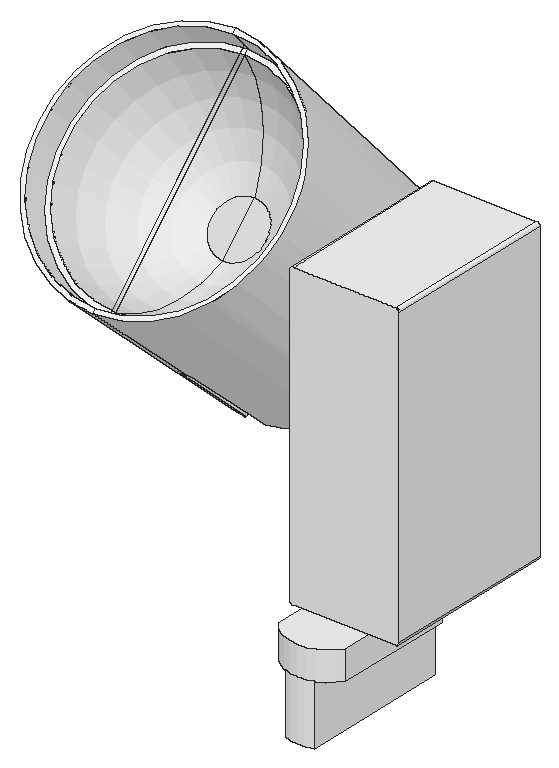
Revit family "0004935 Feilo Sylvania Lighting Fixture START TRACK SPOT L DALI 3616LM 940 MB WHT", category Lighting Fixtures, host Face, Revit 2017 (continued)
Definition of nested family "Start Track Spot Head"
  Types (96, lengths in mm): name | Wattage | built-in parameter 1150134 | Photometric Web File | Model | built-in parameter 1150105 | Lumens | built-in parameter 1150107 | built-in parameter 1150106 | HeadThickness_FEILO | HeadRibOffset_FEILO | HeadRibDepth_FEILO | HeadRibCutWidth_FEILO | HeadRibCutOffset_FEILO | HeadReflectorRadius_FEILO | HeadReflectorOffset_FEILO | HeadLEDRadius_FEILO | HeadHeight_FEILO | HeadDiffusorOffset_FEILO | HeadDiaOut_FEILO | HeadDiaIn_FEILO | HeadAxisFromTop_FEILO | Emit from Circle Diameter | built-in parameter 1150104 | Description | Apparent Load
    0004864 START TRACK SPOT S 24W 3K RA90 WB WHITE | 24 W | (empty or 0) | "0004864.ies" | "START TRACK SPOT S 24W 3K RA90 WB WHITE" | 152.79 (stored number, unit not read) | 1920 lm | 3000 (stored number, unit not read) | 1.5279 (stored number, unit not read) | 1.5 | 4.179 | 55.714 | 7.167 | 50.87 | 50.588 | 55.714 | 9.556 | 117 | 9.435 | 86 | 77.477 | 69.354 | 77.477 | 7.4322 (stored number, unit not read) | "Integrated LED spotlight, Textured White - RAL9016, compact and minimalist design, ideal for retail applications, die-cast aluminium body, passive cooling heatsink. Beam angle: 64°, color temperature: 3000K , total system power: 24W, total fixture output: 1928 lm, LOR: 100%, colour rendering: Ra: 90 typical, LED Chromaticity: 3 step MacAdam ellipse, lifetime: >50000 hours at L70B50, energy class: A++, A+, A, IR/UV free light source without heat radiation, operating voltage: 220-240V / 50-60Hz, drive current: 600mA, electronic driver, non-dimmable, power factor: 0.95, electrical protection: Class II, Global Track 3 Phase adapter suitable for Global trac 3-circuit tracks, ingress protection rating: IP20, suitable for internal environment only, horizontal rotation: 355°, vertical tilt: 90°, dimensions: Ø86x140x200, weight: 0.966kg." | 24 VA
    0004863 START TRACK SPOT S 24W 3K RA90 MB WHITE | 24 W | (empty or 0) | "0004863.ies" | "START TRACK SPOT S 24W 3K RA90 MB WHITE" | 154.7 (stored number, unit not read) | 1944 lm | 3000 (stored number, unit not read) | 1.547 (stored number, unit not read) | 1.5 | 4.179 | 55.714 | 7.167 | 50.87 | 50.588 | 55.714 | 9.556 | 117 | 9.435 | 86 | 77.477 | 69.354 | 77.477 | 7.5251 (stored number, unit not read) | "Integrated LED spotlight, Textured White - RAL9016, compact and minimalist design, ideal for retail applications, die-cast aluminium body, passive cooling heatsink. Beam angle: 36°, color temperature: 3000K , total system power: 24W, total fixture output: 1944 lm, LOR: 100%, colour rendering: Ra: 90 typical, LED Chromaticity: 3 step MacAdam ellipse, lifetime: >50000 hours at L70B50, energy class: A++, A+, A, IR/UV free light source without heat radiation, operating voltage: 220-240V / 50-60Hz, drive current: 600mA, electronic driver, non-dimmable, power factor: 0.95, electrical protection: Class II, Global Track 3 Phase adapter suitable for Global trac 3-circuit tracks, ingress protection rating: IP20, suitable for internal environment only, horizontal rotation: 355°, vertical tilt: 90°, dimensions: Ø86x140x200, weight: 0.966kg." | 24 VA
    0004862 START TRACK SPOT S 24W 3K RA90 NB WHITE | 24 W | (empty or 0) | "0004862.ies" | "START TRACK SPOT S 24W 3K RA90 NB WHITE" | 158.52 (stored number, unit not read) | 1992 lm | 3000 (stored number, unit not read) | 1.5852 (stored number, unit not read) | 1.5 | 4.179 | 55.714 | 7.167 | 50.87 | 50.588 | 55.714 | 9.556 | 117 | 9.435 | 86 | 77.477 | 69.354 | 77.477 | 7.711 (stored number, unit not read) | "Integrated LED spotlight, Textured White - RAL9016, compact and minimalist design, ideal for retail applications, die-cast aluminium body, passive cooling heatsink. Beam angle: 12°, color temperature: 3000K , total system power: 24W, total fixture output: 1987 lm, LOR: 100%, colour rendering: Ra: 90 typical, LED Chromaticity: 3 step MacAdam ellipse, lifetime: >50000 hours at L70B50, energy class: A++, A+, A, IR/UV free light source without heat radiation, operating voltage: 220-240V / 50-60Hz, drive current: 600mA, electronic driver, non-dimmable, power factor: 0.95, electrical protection: Class II, Global Track 3 Phase adapter suitable for Global trac 3-circuit tracks, ingress protection rating: IP20, suitable for internal environment only, horizontal rotation: 355°, vertical tilt: 90°, dimensions: Ø86x140x200, weight: 0.966kg." | 24 VA
    0004861 START TRACK SPOT S 14W 3K RA90 WB WHITE | 14 W | (empty or 0) | "0004861.ies" | "START TRACK SPOT S 14W 3K RA90 WB WHITE" | 100.27 (stored number, unit not read) | 1260 lm | 3000 (stored number, unit not read) | 1.0027 (stored number, unit not read) | 1.5 | 4.179 | 55.714 | 7.167 | 50.87 | 50.588 | 55.714 | 9.556 | 117 | 9.435 | 86 | 77.477 | 69.354 | 77.477 | 8.3613 (stored number, unit not read) | "Integrated LED spotlight, Textured White - RAL9016, compact and minimalist design, ideal for retail applications, die-cast aluminium body, passive cooling heatsink. Beam angle: 64°, color temperature: 3000K , total system power: 14W, total fixture output: 1262 lm, LOR: 100%, colour rendering: Ra: 90 typical, LED Chromaticity: 3 step MacAdam ellipse, lifetime: >50000 hours at L70B50, energy class: A++, A+, A, IR/UV free light source without heat radiation, operating voltage: 220-240V / 50-60Hz, drive current: 350mA, electronic driver, non-dimmable, power factor: 0.92, electrical protection: Class II, Global Track 3 Phase adapter suitable for Global trac 3-circuit tracks, ingress protection rating: IP20, suitable for internal environment only, horizontal rotation: 355°, vertical tilt: 90°, dimensions: Ø86x140x200, weight: 0.940kg." | 14 VA
    0004860 START TRACK SPOT S 14W 3K RA90 MB WHITE | 14 W | (empty or 0) | "0004860.ies" | "START TRACK SPOT S 14W 3K RA90 MB WHITE" | 100.27 (stored number, unit not read) | 1260 lm | 3000 (stored number, unit not read) | 1.0027 (stored number, unit not read) | 1.5 | 4.179 | 55.714 | 7.167 | 50.87 | 50.588 | 55.714 | 9.556 | 117 | 9.435 | 86 | 77.477 | 69.354 | 77.477 | 8.3613 (stored number, unit not read) | "Integrated LED spotlight, Textured White - RAL9016, compact and minimalist design, ideal for retail applications, die-cast aluminium body, passive cooling heatsink. Beam angle: 36°, color temperature: 3000K , total system power: 14W, total fixture output: 1262 lm, LOR: 100%, colour rendering: Ra: 90 typical, LED Chromaticity: 3 step MacAdam ellipse, lifetime: >50000 hours at L70B50, energy class: A++, A+, A, IR/UV free light source without heat radiation, operating voltage: 220-240V / 50-60Hz, drive current: 350mA, electronic driver, non-dimmable, power factor: 0.92, electrical protection: Class II, Global Track 3 Phase adapter suitable for Global trac 3-circuit tracks, ingress protection rating: IP20, suitable for internal environment only, horizontal rotation: 355°, vertical tilt: 90°, dimensions: Ø86x140x200, weight: 0.940kg." | 14 VA
    0004859 START TRACK SPOT S 14W 3K RA90 NB WHITE | 14 W | (empty or 0) | "0004859.ies" | "START TRACK SPOT S 14W 3K RA90 NB WHITE" | 102.5 (stored number, unit not read) | 1288 lm | 3000 (stored number, unit not read) | 1.025 (stored number, unit not read) | 1.5 | 4.179 | 55.714 | 7.167 | 50.87 | 50.588 | 55.714 | 9.556 | 117 | 9.435 | 86 | 77.477 | 69.354 | 77.477 | 8.5471 (stored number, unit not read) | "Integrated LED spotlight, Textured White - RAL9016, compact and minimalist design, ideal for retail applications, die-cast aluminium body, passive cooling heatsink. Beam angle: 12°, color temperature: 3000K , total system power: 14W, total fixture output: 1284 lm, LOR: 100%, colour rendering: Ra: 90 typical, LED Chromaticity: 3 step MacAdam ellipse, lifetime: >50000 hours at L70B50, energy class: A++, A+, A, IR/UV free light source without heat radiation, operating voltage: 220-240V / 50-60Hz, drive current: 350mA, electronic driver, non-dimmable, power factor: 0.92, electrical protection: Class II, Global Track 3 Phase adapter suitable for Global trac 3-circuit tracks, ingress protection rating: IP20, suitable for internal environment only, horizontal rotation: 355°, vertical tilt: 90°, dimensions: Ø86x140x200, weight: 0.940kg." | 14 VA
    0004858 START TRACK SPOT L 55W 4K RA80 WB BLACK | 55 W | 12 | "0004858.ies" | "START TRACK SPOT L 55W 4K RA80 WB BLACK" | 424.55 (stored number, unit not read) | 5335 lm | 4000 (stored number, unit not read) | 4.2455 (stored number, unit not read) | 2 | 4.429 | 59.048 | 9.417 | 53.913 | 66.471 | 59.048 | 12.556 | 124 | 10 | 113 | 101.802 | 73.503 | 101.802 | 9.0116 (stored number, unit not read) | "Integrated LED spotlight, Textured Black - RAL9005, compact and minimalist design, ideal for retail applications, die-cast aluminium body, passive cooling heatsink. Beam angle: 52°, color temperature: 4000K , total system power: 55W, total fixture output: 5320 lm, LOR: 100%, colour rendering: Ra: 80 typical, LED Chromaticity: 3 step MacAdam ellipse, lifetime: >50000 hours at L70B50, energy class: A++, A+, A, IR/UV free light source without heat radiation, operating voltage: 220-240V / 50-60Hz, drive current: 1400mA, electronic driver, non-dimmable, power factor: 0.96, electrical protection: Class II, Global Track 3 Phase adapter suitable for Global trac 3-circuit tracks, ingress protection rating: IP20, suitable for internal environment only, horizontal rotation: 355°, vertical tilt: 90°, dimensions: Ø113x164x240, weight: 1.398kg." | 55 VA
    0004857 START TRACK SPOT L 55W 4K RA80 MB BLACK | 55 W | 12 | "0004857.ies" | "START TRACK SPOT L 55W 4K RA80 MB BLACK" | 428.92 (stored number, unit not read) | 5390 lm | 4000 (stored number, unit not read) | 4.2892 (stored number, unit not read) | 2 | 4.429 | 59.048 | 9.417 | 53.913 | 66.471 | 59.048 | 12.556 | 124 | 10 | 113 | 101.802 | 73.503 | 101.802 | 9.1045 (stored number, unit not read) | "Integrated LED spotlight, Textured Black - RAL9005, compact and minimalist design, ideal for retail applications, die-cast aluminium body, passive cooling heatsink. Beam angle: 38°, color temperature: 4000K , total system power: 55W, total fixture output: 5378 lm, LOR: 100%, colour rendering: Ra: 80 typical, LED Chromaticity: 3 step MacAdam ellipse, lifetime: >50000 hours at L70B50, energy class: A++, A+, A, IR/UV free light source without heat radiation, operating voltage: 220-240V / 50-60Hz, drive current: 1400mA, electronic driver, non-dimmable, power factor: 0.96, electrical protection: Class II, Global Track 3 Phase adapter suitable for Global trac 3-circuit tracks, ingress protection rating: IP20, suitable for internal environment only, horizontal rotation: 355°, vertical tilt: 90°, dimensions: Ø113x164x240, weight: 1.398kg." | 55 VA
    0004856 START TRACK SPOT L 55W 4K RA80 NB BLACK | 55 W | 12 | "0004856.ies" | "START TRACK SPOT L 55W 4K RA80 NB BLACK" | 433.3 (stored number, unit not read) | 5445 lm | 4000 (stored number, unit not read) | 4.333 (stored number, unit not read) | 2 | 4.429 | 59.048 | 9.417 | 53.913 | 66.471 | 59.048 | 12.556 | 124 | 10 | 113 | 101.802 | 73.503 | 101.802 | 9.1974 (stored number, unit not read) | "Integrated LED spotlight, Textured Black - RAL9005, compact and minimalist design, ideal for retail applications, die-cast aluminium body, passive cooling heatsink. Beam angle: 15°, color temperature: 4000K , total system power: 55W, total fixture output: 5426 lm, LOR: 100%, colour rendering: Ra: 80 typical, LED Chromaticity: 3 step MacAdam ellipse, lifetime: >50000 hours at L70B50, energy class: A++, A+, A, IR/UV free light source without heat radiation, operating voltage: 220-240V / 50-60Hz, drive current: 1400mA, electronic driver, non-dimmable, power factor: 0.96, electrical protection: Class II, Global Track 3 Phase adapter suitable for Global trac 3-circuit tracks, ingress protection rating: IP20, suitable for internal environment only, horizontal rotation: 355°, vertical tilt: 90°, dimensions: Ø113x164x240, weight: 1.398kg." | 55 VA
    0004855 START TRACK SPOT L 35W 4K RA80 WB BLACK | 35 W | 12 | "0004855.ies" | "START TRACK SPOT L 35W 4K RA80 WB BLACK" | 320.3 (stored number, unit not read) | 4025 lm | 4000 (stored number, unit not read) | 3.203 (stored number, unit not read) | 2 | 4.429 | 59.048 | 9.417 | 53.913 | 66.471 | 59.048 | 12.556 | 124 | 10 | 113 | 101.802 | 73.503 | 101.802 | 10.684 (stored number, unit not read) | "Integrated LED spotlight, Textured Black - RAL9005, compact and minimalist design, ideal for retail applications, die-cast aluminium body, passive cooling heatsink. Beam angle: 52°, color temperature: 4000K , total system power: 35W, total fixture output: 4010 lm, LOR: 100%, colour rendering: Ra: 80 typical, LED Chromaticity: 3 step MacAdam ellipse, lifetime: >50000 hours at L70B50, energy class: A++, A+, A, IR/UV free light source without heat radiation, operating voltage: 220-240V / 50-60Hz, drive current: 900mA, electronic driver, non-dimmable, power factor: 0.93, electrical protection: Class II, Global Track 3 Phase adapter suitable for Global trac 3-circuit tracks, ingress protection rating: IP20, suitable for internal environment only, horizontal rotation: 355°, vertical tilt: 90°, dimensions: Ø113x164x240, weight: 1.368kg." | 35 VA
    0004854 START TRACK SPOT L 35W 4K RA80 MB BLACK | 35 W | 12 | "0004854.ies" | "START TRACK SPOT L 35W 4K RA80 MB BLACK" | 320.3 (stored number, unit not read) | 4025 lm | 4000 (stored number, unit not read) | 3.203 (stored number, unit not read) | 2 | 4.429 | 59.048 | 9.417 | 53.913 | 66.471 | 59.048 | 12.556 | 124 | 10 | 113 | 101.802 | 73.503 | 101.802 | 10.684 (stored number, unit not read) | "Integrated LED spotlight, Textured Black - RAL9005, compact and minimalist design, ideal for retail applications, die-cast aluminium body, passive cooling heatsink. Beam angle: 38°, color temperature: 4000K , total system power: 35W, total fixture output: 4017 lm, LOR: 100%, colour rendering: Ra: 80 typical, LED Chromaticity: 3 step MacAdam ellipse, lifetime: >50000 hours at L70B50, energy class: A++, A+, A, IR/UV free light source without heat radiation, operating voltage: 220-240V / 50-60Hz, drive current: 900mA, electronic driver, non-dimmable, power factor: 0.93, electrical protection: Class II, Global Track 3 Phase adapter suitable for Global trac 3-circuit tracks, ingress protection rating: IP20, suitable for internal environment only, horizontal rotation: 355°, vertical tilt: 90°, dimensions: Ø113x164x240, weight: 1.368kg." | 35 VA
    0004853 START TRACK SPOT L 35W 4K RA80 NB BLACK | 35 W | 12 | "0004853.ies" | "START TRACK SPOT L 35W 4K RA80 NB BLACK" | 331.44 (stored number, unit not read) | 4165 lm | 4000 (stored number, unit not read) | 3.3144 (stored number, unit not read) | 2 | 4.429 | 59.048 | 9.417 | 53.913 | 66.471 | 59.048 | 12.556 | 124 | 10 | 113 | 101.802 | 73.503 | 101.802 | 11.055 (stored number, unit not read) | "Integrated LED spotlight, Textured Black - RAL9005, compact and minimalist design, ideal for retail applications, die-cast aluminium body, passive cooling heatsink. Beam angle: 15°, color temperature: 4000K , total system power: 35W, total fixture output: 4174 lm, LOR: 100%, colour rendering: Ra: 80 typical, LED Chromaticity: 3 step MacAdam ellipse, lifetime: >50000 hours at L70B50, energy class: A++, A+, A, IR/UV free light source without heat radiation, operating voltage: 220-240V / 50-60Hz, drive current: 900mA, electronic driver, non-dimmable, power factor: 0.93, electrical protection: Class II, Global Track 3 Phase adapter suitable for Global trac 3-circuit tracks, ingress protection rating: IP20, suitable for internal environment only, horizontal rotation: 355°, vertical tilt: 90°, dimensions: Ø113x164x240, weight: 1.368kg." | 35 VA
    0004852 START TRACK SPOT S 24W 4K RA80 WB BLACK | 24 W | 12 | "0004852.ies" | "START TRACK SPOT S 24W 4K RA80 WB BLACK" | 196.72 (stored number, unit not read) | 2472 lm | 4000 (stored number, unit not read) | 1.9672 (stored number, unit not read) | 1.5 | 4.179 | 55.714 | 7.167 | 50.87 | 50.588 | 55.714 | 9.556 | 117 | 9.435 | 86 | 77.477 | 69.354 | 77.477 | 9.569 (stored number, unit not read) | "Integrated LED spotlight, Textured Black - RAL9005, compact and minimalist design, ideal for retail applications, die-cast aluminium body, passive cooling heatsink. Beam angle: 64°, color temperature: 4000K , total system power: 24W, total fixture output: 2476 lm, LOR: 100%, colour rendering: Ra: 80 typical, LED Chromaticity: 3 step MacAdam ellipse, lifetime: >50000 hours at L70B50, energy class: A++, A+, A, IR/UV free light source without heat radiation, operating voltage: 220-240V / 50-60Hz, drive current: 600mA, electronic driver, non-dimmable, power factor: 0.95, electrical protection: Class II, Global Track 3 Phase adapter suitable for Global trac 3-circuit tracks, ingress protection rating: IP20, suitable for internal environment only, horizontal rotation: 355°, vertical tilt: 90°, dimensions: Ø86x140x200, weight: 0.966kg." | 24 VA
    0004851 START TRACK SPOT S 24W 4K RA80 MB BLACK | 24 W | 12 | "0004851.ies" | "START TRACK SPOT S 24W 4K RA80 MB BLACK" | 198.63 (stored number, unit not read) | 2496 lm | 4000 (stored number, unit not read) | 1.9863 (stored number, unit not read) | 1.5 | 4.179 | 55.714 | 7.167 | 50.87 | 50.588 | 55.714 | 9.556 | 117 | 9.435 | 86 | 77.477 | 69.354 | 77.477 | 9.6619 (stored number, unit not read) | "Integrated LED spotlight, Textured Black - RAL9005, compact and minimalist design, ideal for retail applications, die-cast aluminium body, passive cooling heatsink. Beam angle: 36°, color temperature: 4000K , total system power: 24W, total fixture output: 2487 lm, LOR: 100%, colour rendering: Ra: 80 typical, LED Chromaticity: 3 step MacAdam ellipse, lifetime: >50000 hours at L70B50, energy class: A++, A+, A, IR/UV free light source without heat radiation, operating voltage: 220-240V / 50-60Hz, drive current: 600mA, electronic driver, non-dimmable, power factor: 0.95, electrical protection: Class II, Global Track 3 Phase adapter suitable for Global trac 3-circuit tracks, ingress protection rating: IP20, suitable for internal environment only, horizontal rotation: 355°, vertical tilt: 90°, dimensions: Ø86x140x200, weight: 0.966kg." | 24 VA
    0004850 START TRACK SPOT S 24W 4K RA80 NB BLACK | 24 W | 12 | "0004850.ies" | "START TRACK SPOT S 24W 4K RA80 NB BLACK" | 200.54 (stored number, unit not read) | 2520 lm | 4000 (stored number, unit not read) | 2.0054 (stored number, unit not read) | 1.5 | 4.179 | 55.714 | 7.167 | 50.87 | 50.588 | 55.714 | 9.556 | 117 | 9.435 | 86 | 77.477 | 69.354 | 77.477 | 9.7548 (stored number, unit not read) | "Integrated LED spotlight, Textured Black - RAL9005, compact and minimalist design, ideal for retail applications, die-cast aluminium body, passive cooling heatsink. Beam angle: 12°, color temperature: 4000K , total system power: 24W, total fixture output: 2529 lm, LOR: 100%, colour rendering: Ra: 80 typical, LED Chromaticity: 3 step MacAdam ellipse, lifetime: >50000 hours at L70B50, energy class: A++, A+, A, IR/UV free light source without heat radiation, operating voltage: 220-240V / 50-60Hz, drive current: 600mA, electronic driver, non-dimmable, power factor: 0.95, electrical protection: Class II, Global Track 3 Phase adapter suitable for Global trac 3-circuit tracks, ingress protection rating: IP20, suitable for internal environment only, horizontal rotation: 355°, vertical tilt: 90°, dimensions: Ø86x140x200, weight: 0.966kg." | 24 VA
    0004849 START TRACK SPOT S 14W 4K RA80 WB BLACK | 14 W | 12 | "0004849.ies" | "START TRACK SPOT S 14W 4K RA80 WB BLACK" | 123.66 (stored number, unit not read) | 1554 lm | 4000 (stored number, unit not read) | 1.2366 (stored number, unit not read) | 1.5 | 4.179 | 55.714 | 7.167 | 50.87 | 50.588 | 55.714 | 9.556 | 117 | 9.435 | 86 | 77.477 | 69.354 | 77.477 | 10.312 (stored number, unit not read) | "Integrated LED spotlight, Textured Black - RAL9005, compact and minimalist design, ideal for retail applications, die-cast aluminium body, passive cooling heatsink. Beam angle: 64°, color temperature: 4000K , total system power: 14W, total fixture output: 1558 lm, LOR: 100%, colour rendering: Ra: 80 typical, LED Chromaticity: 3 step MacAdam ellipse, lifetime: >50000 hours at L70B50, energy class: A++, A+, A, IR/UV free light source without heat radiation, operating voltage: 220-240V / 50-60Hz, drive current: 350mA, electronic driver, non-dimmable, power factor: 0.92, electrical protection: Class II, Global Track 3 Phase adapter suitable for Global trac 3-circuit tracks, ingress protection rating: IP20, suitable for internal environment only, horizontal rotation: 355°, vertical tilt: 90°, dimensions: Ø86x140x200, weight: 0.940kg." | 14 VA
    0004848 START TRACK SPOT S 14W 4K RA80 MB BLACK | 14 W | 12 | "0004848.ies" | "START TRACK SPOT S 14W 4K RA80 MB BLACK" | 127.01 (stored number, unit not read) | 1596 lm | 4000 (stored number, unit not read) | 1.2701 (stored number, unit not read) | 1.5 | 4.179 | 55.714 | 7.167 | 50.87 | 50.588 | 55.714 | 9.556 | 117 | 9.435 | 86 | 77.477 | 69.354 | 77.477 | 10.591 (stored number, unit not read) | "Integrated LED spotlight, Textured Black - RAL9005, compact and minimalist design, ideal for retail applications, die-cast aluminium body, passive cooling heatsink. Beam angle: 36°, color temperature: 4000K , total system power: 14W, total fixture output: 1598 lm, LOR: 100%, colour rendering: Ra: 80 typical, LED Chromaticity: 3 step MacAdam ellipse, lifetime: >50000 hours at L70B50, energy class: A++, A+, A, IR/UV free light source without heat radiation, operating voltage: 220-240V / 50-60Hz, drive current: 350mA, electronic driver, non-dimmable, power factor: 0.92, electrical protection: Class II, Global Track 3 Phase adapter suitable for Global trac 3-circuit tracks, ingress protection rating: IP20, suitable for internal environment only, horizontal rotation: 355°, vertical tilt: 90°, dimensions: Ø86x140x200, weight: 0.940kg." | 14 VA
    0004847 START TRACK SPOT S 14W 4K RA80 NB BLACK | 14 W | 12 | "0004847.ies" | "START TRACK SPOT S 14W 4K RA80 NB BLACK" | 128.12 (stored number, unit not read) | 1610 lm | 4000 (stored number, unit not read) | 1.2812 (stored number, unit not read) | 1.5 | 4.179 | 55.714 | 7.167 | 50.87 | 50.588 | 55.714 | 9.556 | 117 | 9.435 | 86 | 77.477 | 69.354 | 77.477 | 10.684 (stored number, unit not read) | "Integrated LED spotlight, Textured Black - RAL9005, compact and minimalist design, ideal for retail applications, die-cast aluminium body, passive cooling heatsink. Beam angle: 12°, color temperature: 4000K , total system power: 14W, total fixture output: 1608 lm, LOR: 100%, colour rendering: Ra: 80 typical, LED Chromaticity: 3 step MacAdam ellipse, lifetime: >50000 hours at L70B50, energy class: A++, A+, A, IR/UV free light source without heat radiation, operating voltage: 220-240V / 50-60Hz, drive current: 350mA, electronic driver, non-dimmable, power factor: 0.92, electrical protection: Class II, Global Track 3 Phase adapter suitable for Global trac 3-circuit tracks, ingress protection rating: IP20, suitable for internal environment only, horizontal rotation: 355°, vertical tilt: 90°, dimensions: Ø86x140x200, weight: 0.940kg." | 14 VA
    0004846 START TRACK SPOT L 55W 3K RA80 WB BLACK | 55 W | (empty or 0) | "0004846.ies" | "START TRACK SPOT L 55W 3K RA80 WB BLACK" | 420.17 (stored number, unit not read) | 5280 lm | 3000 (stored number, unit not read) | 4.2017 (stored number, unit not read) | 2 | 4.429 | 59.048 | 9.417 | 53.913 | 66.471 | 59.048 | 12.556 | 124 | 10 | 113 | 101.802 | 73.503 | 101.802 | 8.9187 (stored number, unit not read) | "Integrated LED spotlight, Textured Black - RAL9005, compact and minimalist design, ideal for retail applications, die-cast aluminium body, passive cooling heatsink. Beam angle: 52°, color temperature: 3000K , total system power: 55W, total fixture output: 5298 lm, LOR: 100%, colour rendering: Ra: 80 typical, LED Chromaticity: 3 step MacAdam ellipse, lifetime: >50000 hours at L70B50, energy class: A++, A+, A, IR/UV free light source without heat radiation, operating voltage: 220-240V / 50-60Hz, drive current: 1400mA, electronic driver, non-dimmable, power factor: 0.96, electrical protection: Class II, Global Track 3 Phase adapter suitable for Global trac 3-circuit tracks, ingress protection rating: IP20, suitable for internal environment only, horizontal rotation: 355°, vertical tilt: 90°, dimensions: Ø113x164x240, weight: 1.398kg." | 55 VA
    0004845 START TRACK SPOT L 55W 3K RA80 MB BLACK | 55 W | (empty or 0) | "0004845.ies" | "START TRACK SPOT L 55W 3K RA80 MB BLACK" | 428.92 (stored number, unit not read) | 5390 lm | 3000 (stored number, unit not read) | 4.2892 (stored number, unit not read) | 2 | 4.429 | 59.048 | 9.417 | 53.913 | 66.471 | 59.048 | 12.556 | 124 | 10 | 113 | 101.802 | 73.503 | 101.802 | 9.1045 (stored number, unit not read) | "Integrated LED spotlight, Textured Black - RAL9005, compact and minimalist design, ideal for retail applications, die-cast aluminium body, passive cooling heatsink. Beam angle: 38°, color temperature: 3000K , total system power: 55W, total fixture output: 5381 lm, LOR: 100%, colour rendering: Ra: 80 typical, LED Chromaticity: 3 step MacAdam ellipse, lifetime: >50000 hours at L70B50, energy class: A++, A+, A, IR/UV free light source without heat radiation, operating voltage: 220-240V / 50-60Hz, drive current: 1400mA, electronic driver, non-dimmable, power factor: 0.96, electrical protection: Class II, Global Track 3 Phase adapter suitable for Global trac 3-circuit tracks, ingress protection rating: IP20, suitable for internal environment only, horizontal rotation: 355°, vertical tilt: 90°, dimensions: Ø113x164x240, weight: 1.398kg." | 55 VA
    0004844 START TRACK SPOT L 55W 3K RA80 NB BLACK | 55 W | (empty or 0) | "0004844.ies" | "START TRACK SPOT L 55W 3K RA80 NB BLACK" | 433.3 (stored number, unit not read) | 5445 lm | 3000 (stored number, unit not read) | 4.333 (stored number, unit not read) | 2 | 4.429 | 59.048 | 9.417 | 53.913 | 66.471 | 59.048 | 12.556 | 124 | 10 | 113 | 101.802 | 73.503 | 101.802 | 9.1974 (stored number, unit not read) | "Integrated LED spotlight, Textured Black - RAL9005, compact and minimalist design, ideal for retail applications, die-cast aluminium body, passive cooling heatsink. Beam angle: 15°, color temperature: 3000K , total system power: 55W, total fixture output: 5449 lm, LOR: 100%, colour rendering: Ra: 80 typical, LED Chromaticity: 3 step MacAdam ellipse, lifetime: >50000 hours at L70B50, energy class: A++, A+, A, IR/UV free light source without heat radiation, operating voltage: 220-240V / 50-60Hz, drive current: 1400mA, electronic driver, non-dimmable, power factor: 0.96, electrical protection: Class II, Global Track 3 Phase adapter suitable for Global trac 3-circuit tracks, ingress protection rating: IP20, suitable for internal environment only, horizontal rotation: 355°, vertical tilt: 90°, dimensions: Ø113x164x240, weight: 1.398kg." | 55 VA
    0004843 START TRACK SPOT L 35W 3K RA80 WB BLACK | 35 W | (empty or 0) | "0004843.ies" | "START TRACK SPOT L 35W 3K RA80 WB BLACK" | 314.73 (stored number, unit not read) | 3955 lm | 3000 (stored number, unit not read) | 3.1473 (stored number, unit not read) | 2 | 4.429 | 59.048 | 9.417 | 53.913 | 66.471 | 59.048 | 12.556 | 124 | 10 | 113 | 101.802 | 73.503 | 101.802 | 10.498 (stored number, unit not read) | "Integrated LED spotlight, Textured Black - RAL9005, compact and minimalist design, ideal for retail applications, die-cast aluminium body, passive cooling heatsink. Beam angle: 52°, color temperature: 3000K , total system power: 35W, total fixture output: 3943 lm, LOR: 100%, colour rendering: Ra: 80 typical, LED Chromaticity: 3 step MacAdam ellipse, lifetime: >50000 hours at L70B50, energy class: A++, A+, A, IR/UV free light source without heat radiation, operating voltage: 220-240V / 50-60Hz, drive current: 900mA, electronic driver, non-dimmable, power factor: 0.93, electrical protection: Class II, Global Track 3 Phase adapter suitable for Global trac 3-circuit tracks, ingress protection rating: IP20, suitable for internal environment only, horizontal rotation: 355°, vertical tilt: 90°, dimensions: Ø113x164x240, weight: 1.368kg." | 35 VA
    0004842 START TRACK SPOT L 35W 3K RA80 MB BLACK | 35 W | (empty or 0) | "0004842.ies" | "START TRACK SPOT L 35W 3K RA80 MB BLACK" | 320.3 (stored number, unit not read) | 4025 lm | 3000 (stored number, unit not read) | 3.203 (stored number, unit not read) | 2 | 4.429 | 59.048 | 9.417 | 53.913 | 66.471 | 59.048 | 12.556 | 124 | 10 | 113 | 101.802 | 73.503 | 101.802 | 10.684 (stored number, unit not read) | "Integrated LED spotlight, Textured Black - RAL9005, compact and minimalist design, ideal for retail applications, die-cast aluminium body, passive cooling heatsink. Beam angle: 38°, color temperature: 3000K , total system power: 35W, total fixture output: 4008 lm, LOR: 100%, colour rendering: Ra: 80 typical, LED Chromaticity: 3 step MacAdam ellipse, lifetime: >50000 hours at L70B50, energy class: A++, A+, A, IR/UV free light source without heat radiation, operating voltage: 220-240V / 50-60Hz, drive current: 900mA, electronic driver, non-dimmable, power factor: 0.93, electrical protection: Class II, Global Track 3 Phase adapter suitable for Global trac 3-circuit tracks, ingress protection rating: IP20, suitable for internal environment only, horizontal rotation: 355°, vertical tilt: 90°, dimensions: Ø113x164x240, weight: 1.368kg." | 35 VA
    0004841 START TRACK SPOT L 35W 3K RA80 NB BLACK | 35 W | (empty or 0) | "0004841.ies" | "START TRACK SPOT L 35W 3K RA80 NB BLACK" | 317.51 (stored number, unit not read) | 3990 lm | 3000 (stored number, unit not read) | 3.1751 (stored number, unit not read) | 2 | 4.429 | 59.048 | 9.417 | 53.913 | 66.471 | 59.048 | 12.556 | 124 | 10 | 113 | 101.802 | 73.503 | 101.802 | 10.591 (stored number, unit not read) | "Integrated LED spotlight, Textured Black - RAL9005, compact and minimalist design, ideal for retail applications, die-cast aluminium body, passive cooling heatsink. Beam angle: 15°, color temperature: 3000K , total system power: 35W, total fixture output: 4005 lm, LOR: 100%, colour rendering: Ra: 80 typical, LED Chromaticity: 3 step MacAdam ellipse, lifetime: >50000 hours at L70B50, energy class: A++, A+, A, IR/UV free light source without heat radiation, operating voltage: 220-240V / 50-60Hz, drive current: 900mA, electronic driver, non-dimmable, power factor: 0.93, electrical protection: Class II, Global Track 3 Phase adapter suitable for Global trac 3-circuit tracks, ingress protection rating: IP20, suitable for internal environment only, horizontal rotation: 355°, vertical tilt: 90°, dimensions: Ø113x164x240, weight: 1.368kg." | 35 VA
    0004840 START TRACK SPOT S 24W 3K RA80 WB BLACK | 24 W | (empty or 0) | "0004840.ies" | "START TRACK SPOT S 24W 3K RA80 WB BLACK" | 185.26 (stored number, unit not read) | 2328 lm | 3000 (stored number, unit not read) | 1.8526 (stored number, unit not read) | 1.5 | 4.179 | 55.714 | 7.167 | 50.87 | 50.588 | 55.714 | 9.556 | 117 | 9.435 | 86 | 77.477 | 69.354 | 77.477 | 9.0116 (stored number, unit not read) | "Integrated LED spotlight, Textured Black - RAL9005, compact and minimalist design, ideal for retail applications, die-cast aluminium body, passive cooling heatsink. Beam angle: 64°, color temperature: 3000K , total system power: 24W, total fixture output: 2318 lm, LOR: 100%, colour rendering: Ra: 80 typical, LED Chromaticity: 3 step MacAdam ellipse, lifetime: >50000 hours at L70B50, energy class: A++, A+, A, IR/UV free light source without heat radiation, operating voltage: 220-240V / 50-60Hz, drive current: 600mA, electronic driver, non-dimmable, power factor: 0.95, electrical protection: Class II, Global Track 3 Phase adapter suitable for Global trac 3-circuit tracks, ingress protection rating: IP20, suitable for internal environment only, horizontal rotation: 355°, vertical tilt: 90°, dimensions: Ø86x140x200, weight: 0.966kg." | 24 VA
    0004839 START TRACK SPOT S 24W 3K RA80 MB BLACK | 24 W | (empty or 0) | "0004839.ies" | "START TRACK SPOT S 24W 3K RA80 MB BLACK" | 183.35 (stored number, unit not read) | 2304 lm | 3000 (stored number, unit not read) | 1.8335 (stored number, unit not read) | 1.5 | 4.179 | 55.714 | 7.167 | 50.87 | 50.588 | 55.714 | 9.556 | 117 | 9.435 | 86 | 77.477 | 69.354 | 77.477 | 8.9187 (stored number, unit not read) | "Integrated LED spotlight, Textured Black - RAL9005, compact and minimalist design, ideal for retail applications, die-cast aluminium body, passive cooling heatsink. Beam angle: 36°, color temperature: 3000K , total system power: 24W, total fixture output: 2314 lm, LOR: 100%, colour rendering: Ra: 80 typical, LED Chromaticity: 3 step MacAdam ellipse, lifetime: >50000 hours at L70B50, energy class: A++, A+, A, IR/UV free light source without heat radiation, operating voltage: 220-240V / 50-60Hz, drive current: 600mA, electronic driver, non-dimmable, power factor: 0.95, electrical protection: Class II, Global Track 3 Phase adapter suitable for Global trac 3-circuit tracks, ingress protection rating: IP20, suitable for internal environment only, horizontal rotation: 355°, vertical tilt: 90°, dimensions: Ø86x140x200, weight: 0.966kg." | 24 VA
    0004838 START TRACK SPOT S 24W 3K RA80 NB BLACK | 24 W | (empty or 0) | "0004838.ies" | "START TRACK SPOT S 24W 3K RA80 NB BLACK" | 185.26 (stored number, unit not read) | 2328 lm | 3000 (stored number, unit not read) | 1.8526 (stored number, unit not read) | 1.5 | 4.179 | 55.714 | 7.167 | 50.87 | 50.588 | 55.714 | 9.556 | 117 | 9.435 | 86 | 77.477 | 69.354 | 77.477 | 9.0116 (stored number, unit not read) | "Integrated LED spotlight, Textured Black - RAL9005, compact and minimalist design, ideal for retail applications, die-cast aluminium body, passive cooling heatsink. Beam angle: 12°, color temperature: 3000K , total system power: 24W, total fixture output: 2334 lm, LOR: 100%, colour rendering: Ra: 80 typical, LED Chromaticity: 3 step MacAdam ellipse, lifetime: >50000 hours at L70B50, energy class: A++, A+, A, IR/UV free light source without heat radiation, operating voltage: 220-240V / 50-60Hz, drive current: 600mA, electronic driver, non-dimmable, power factor: 0.95, electrical protection: Class II, Global Track 3 Phase adapter suitable for Global trac 3-circuit tracks, ingress protection rating: IP20, suitable for internal environment only, horizontal rotation: 355°, vertical tilt: 90°, dimensions: Ø86x140x200, weight: 0.966kg." | 24 VA
    0004837 START TRACK SPOT S 14W 3K RA80 WB BLACK | 14 W | (empty or 0) | "0004837.ies" | "START TRACK SPOT S 14W 3K RA80 WB BLACK" | 119.21 (stored number, unit not read) | 1498 lm | 3000 (stored number, unit not read) | 1.1921 (stored number, unit not read) | 1.5 | 4.179 | 55.714 | 7.167 | 50.87 | 50.588 | 55.714 | 9.556 | 117 | 9.435 | 86 | 77.477 | 69.354 | 77.477 | 9.9406 (stored number, unit not read) | "Integrated LED spotlight, Textured Black - RAL9005, compact and minimalist design, ideal for retail applications, die-cast aluminium body, passive cooling heatsink. Beam angle: 64°, color temperature: 3000K , total system power: 14W, total fixture output: 1498 lm, LOR: 100%, colour rendering: Ra: 80 typical, LED Chromaticity: 3 step MacAdam ellipse, lifetime: >50000 hours at L70B50, energy class: A++, A+, A, IR/UV free light source without heat radiation, operating voltage: 220-240V / 50-60Hz, drive current: 350mA, electronic driver, non-dimmable, power factor: 0.92, electrical protection: Class II, Global Track 3 Phase adapter suitable for Global trac 3-circuit tracks, ingress protection rating: IP20, suitable for internal environment only, horizontal rotation: 355°, vertical tilt: 90°, dimensions: Ø86x140x200, weight: 0.940kg." | 14 VA
    0004836 START TRACK SPOT S 14W 3K RA80 MB BLACK | 14 W | (empty or 0) | "0004836.ies" | "START TRACK SPOT S 14W 3K RA80 MB BLACK" | 120.32 (stored number, unit not read) | 1512 lm | 3000 (stored number, unit not read) | 1.2032 (stored number, unit not read) | 1.5 | 4.179 | 55.714 | 7.167 | 50.87 | 50.588 | 55.714 | 9.556 | 117 | 9.435 | 86 | 77.477 | 69.354 | 77.477 | 10.034 (stored number, unit not read) | "Integrated LED spotlight, Textured Black - RAL9005, compact and minimalist design, ideal for retail applications, die-cast aluminium body, passive cooling heatsink. Beam angle: 36°, color temperature: 3000K , total system power: 14W, total fixture output: 1508 lm, LOR: 100%, colour rendering: Ra: 80 typical, LED Chromaticity: 3 step MacAdam ellipse, lifetime: >50000 hours at L70B50, energy class: A++, A+, A, IR/UV free light source without heat radiation, operating voltage: 220-240V / 50-60Hz, drive current: 350mA, electronic driver, non-dimmable, power factor: 0.92, electrical protection: Class II, Global Track 3 Phase adapter suitable for Global trac 3-circuit tracks, ingress protection rating: IP20, suitable for internal environment only, horizontal rotation: 355°, vertical tilt: 90°, dimensions: Ø86x140x200, weight: 0.940kg." | 14 VA
    0004835 START TRACK SPOT S 14W 3K RA80 NB BLACK | 14 W | (empty or 0) | "0004835.ies" | "START TRACK SPOT S 14W 3K RA80 NB BLACK" | 123.66 (stored number, unit not read) | 1554 lm | 3000 (stored number, unit not read) | 1.2366 (stored number, unit not read) | 1.5 | 4.179 | 55.714 | 7.167 | 50.87 | 50.588 | 55.714 | 9.556 | 117 | 9.435 | 86 | 77.477 | 69.354 | 77.477 | 10.312 (stored number, unit not read) | "Integrated LED spotlight, Textured Black - RAL9005, compact and minimalist design, ideal for retail applications, die-cast aluminium body, passive cooling heatsink. Beam angle: 12°, color temperature: 3000K , total system power: 14W, total fixture output: 1551 lm, LOR: 100%, colour rendering: Ra: 80 typical, LED Chromaticity: 3 step MacAdam ellipse, lifetime: >50000 hours at L70B50, energy class: A++, A+, A, IR/UV free light source without heat radiation, operating voltage: 220-240V / 50-60Hz, drive current: 350mA, electronic driver, non-dimmable, power factor: 0.92, electrical protection: Class II, Global Track 3 Phase adapter suitable for Global trac 3-circuit tracks, ingress protection rating: IP20, suitable for internal environment only, horizontal rotation: 355°, vertical tilt: 90°, dimensions: Ø86x140x200, weight: 0.940kg." | 14 VA
    0004834 START TRACK SPOT L 55W 4K RA80 WB WHITE | 55 W | 12 | "0004834.ies" | "START TRACK SPOT L 55W 4K RA80 WB WHITE" | 424.55 (stored number, unit not read) | 5335 lm | 4000 (stored number, unit not read) | 4.2455 (stored number, unit not read) | 2 | 4.429 | 59.048 | 9.417 | 53.913 | 66.471 | 59.048 | 12.556 | 124 | 10 | 113 | 101.802 | 73.503 | 101.802 | 9.0116 (stored number, unit not read) | "Integrated LED spotlight, Textured White - RAL9016, compact and minimalist design, ideal for retail applications, die-cast aluminium body, passive cooling heatsink. Beam angle: 52°, color temperature: 4000K , total system power: 55W, total fixture output: 5320 lm, LOR: 100%, colour rendering: Ra: 80 typical, LED Chromaticity: 3 step MacAdam ellipse, lifetime: >50000 hours at L70B50, energy class: A++, A+, A, IR/UV free light source without heat radiation, operating voltage: 220-240V / 50-60Hz, drive current: 1400mA, electronic driver, non-dimmable, power factor: 0.96, electrical protection: Class II, Global Track 3 Phase adapter suitable for Global trac 3-circuit tracks, ingress protection rating: IP20, suitable for internal environment only, horizontal rotation: 355°, vertical tilt: 90°, dimensions: Ø113x164x240, weight: 1.398kg." | 55 VA
    0004833 START TRACK SPOT L 55W 4K RA80 MB WHITE | 55 W | 12 | "0004833.ies" | "START TRACK SPOT L 55W 4K RA80 MB WHITE" | 428.92 (stored number, unit not read) | 5390 lm | 4000 (stored number, unit not read) | 4.2892 (stored number, unit not read) | 2 | 4.429 | 59.048 | 9.417 | 53.913 | 66.471 | 59.048 | 12.556 | 124 | 10 | 113 | 101.802 | 73.503 | 101.802 | 9.1045 (stored number, unit not read) | "Integrated LED spotlight, Textured White - RAL9016, compact and minimalist design, ideal for retail applications, die-cast aluminium body, passive cooling heatsink. Beam angle: 38°, color temperature: 4000K , total system power: 55W, total fixture output: 5378 lm, LOR: 100%, colour rendering: Ra: 80 typical, LED Chromaticity: 3 step MacAdam ellipse, lifetime: >50000 hours at L70B50, energy class: A++, A+, A, IR/UV free light source without heat radiation, operating voltage: 220-240V / 50-60Hz, drive current: 1400mA, electronic driver, non-dimmable, power factor: 0.96, electrical protection: Class II, Global Track 3 Phase adapter suitable for Global trac 3-circuit tracks, ingress protection rating: IP20, suitable for internal environment only, horizontal rotation: 355°, vertical tilt: 90°, dimensions: Ø113x164x240, weight: 1.398kg." | 55 VA
    0004832 START TRACK SPOT L 55W 4K RA80 NB WHITE | 55 W | 12 | "0004832.ies" | "START TRACK SPOT L 55W 4K RA80 NB WHITE" | 433.3 (stored number, unit not read) | 5445 lm | 4000 (stored number, unit not read) | 4.333 (stored number, unit not read) | 2 | 4.429 | 59.048 | 9.417 | 53.913 | 66.471 | 59.048 | 12.556 | 124 | 10 | 113 | 101.802 | 73.503 | 101.802 | 9.1974 (stored number, unit not read) | "Integrated LED spotlight, Textured White - RAL9016, compact and minimalist design, ideal for retail applications, die-cast aluminium body, passive cooling heatsink. Beam angle: 15°, color temperature: 4000K , total system power: 55W, total fixture output: 5426 lm, LOR: 100%, colour rendering: Ra: 80 typical, LED Chromaticity: 3 step MacAdam ellipse, lifetime: >50000 hours at L70B50, energy class: A++, A+, A, IR/UV free light source without heat radiation, operating voltage: 220-240V / 50-60Hz, drive current: 1400mA, electronic driver, non-dimmable, power factor: 0.96, electrical protection: Class II, Global Track 3 Phase adapter suitable for Global trac 3-circuit tracks, ingress protection rating: IP20, suitable for internal environment only, horizontal rotation: 355°, vertical tilt: 90°, dimensions: Ø113x164x240, weight: 1.398kg." | 55 VA
    0004831 START TRACK SPOT L 35W 4K RA80 WB WHITE | 35 W | 12 | "0004831.ies" | "START TRACK SPOT L 35W 4K RA80 WB WHITE" | 320.3 (stored number, unit not read) | 4025 lm | 4000 (stored number, unit not read) | 3.203 (stored number, unit not read) | 2 | 4.429 | 59.048 | 9.417 | 53.913 | 66.471 | 59.048 | 12.556 | 124 | 10 | 113 | 101.802 | 73.503 | 101.802 | 10.684 (stored number, unit not read) | "Integrated LED spotlight, Textured White - RAL9016, compact and minimalist design, ideal for retail applications, die-cast aluminium body, passive cooling heatsink. Beam angle: 52°, color temperature: 4000K , total system power: 35W, total fixture output: 4010 lm, LOR: 100%, colour rendering: Ra: 80 typical, LED Chromaticity: 3 step MacAdam ellipse, lifetime: >50000 hours at L70B50, energy class: A++, A+, A, IR/UV free light source without heat radiation, operating voltage: 220-240V / 50-60Hz, drive current: 900mA, electronic driver, non-dimmable, power factor: 0.93, electrical protection: Class II, Global Track 3 Phase adapter suitable for Global trac 3-circuit tracks, ingress protection rating: IP20, suitable for internal environment only, horizontal rotation: 355°, vertical tilt: 90°, dimensions: Ø113x164x240, weight: 1.368kg." | 35 VA
    0004830 START TRACK SPOT L 35W 4K RA80 MB WHITE | 35 W | 12 | "0004830.ies" | "START TRACK SPOT L 35W 4K RA80 MB WHITE" | 320.3 (stored number, unit not read) | 4025 lm | 4000 (stored number, unit not read) | 3.203 (stored number, unit not read) | 2 | 4.429 | 59.048 | 9.417 | 53.913 | 66.471 | 59.048 | 12.556 | 124 | 10 | 113 | 101.802 | 73.503 | 101.802 | 10.684 (stored number, unit not read) | "Integrated LED spotlight, Textured White - RAL9016, compact and minimalist design, ideal for retail applications, die-cast aluminium body, passive cooling heatsink. Beam angle: 38°, color temperature: 4000K , total system power: 35W, total fixture output: 4017 lm, LOR: 100%, colour rendering: Ra: 80 typical, LED Chromaticity: 3 step MacAdam ellipse, lifetime: >50000 hours at L70B50, energy class: A++, A+, A, IR/UV free light source without heat radiation, operating voltage: 220-240V / 50-60Hz, drive current: 900mA, electronic driver, non-dimmable, power factor: 0.93, electrical protection: Class II, Global Track 3 Phase adapter suitable for Global trac 3-circuit tracks, ingress protection rating: IP20, suitable for internal environment only, horizontal rotation: 355°, vertical tilt: 90°, dimensions: Ø113x164x240, weight: 1.368kg." | 35 VA
    0004829 START TRACK SPOT L 35W 4K RA80 NB WHITE | 35 W | 12 | "0004829.ies" | "START TRACK SPOT L 35W 4K RA80 NB WHITE" | 331.44 (stored number, unit not read) | 4165 lm | 4000 (stored number, unit not read) | 3.3144 (stored number, unit not read) | 2 | 4.429 | 59.048 | 9.417 | 53.913 | 66.471 | 59.048 | 12.556 | 124 | 10 | 113 | 101.802 | 73.503 | 101.802 | 11.055 (stored number, unit not read) | "Integrated LED spotlight, Textured White - RAL9016, compact and minimalist design, ideal for retail applications, die-cast aluminium body, passive cooling heatsink. Beam angle: 15°, color temperature: 4000K , total system power: 35W, total fixture output: 4174 lm, LOR: 100%, colour rendering: Ra: 80 typical, LED Chromaticity: 3 step MacAdam ellipse, lifetime: >50000 hours at L70B50, energy class: A++, A+, A, IR/UV free light source without heat radiation, operating voltage: 220-240V / 50-60Hz, drive current: 900mA, electronic driver, non-dimmable, power factor: 0.93, electrical protection: Class II, Global Track 3 Phase adapter suitable for Global trac 3-circuit tracks, ingress protection rating: IP20, suitable for internal environment only, horizontal rotation: 355°, vertical tilt: 90°, dimensions: Ø113x164x240, weight: 1.368kg." | 35 VA
    0004828 START TRACK SPOT S 24W 4K RA80 WB WHITE | 24 W | 12 | "0004828.ies" | "START TRACK SPOT S 24W 4K RA80 WB WHITE" | 196.72 (stored number, unit not read) | 2472 lm | 4000 (stored number, unit not read) | 1.9672 (stored number, unit not read) | 1.5 | 4.179 | 55.714 | 7.167 | 50.87 | 50.588 | 55.714 | 9.556 | 117 | 9.435 | 86 | 77.477 | 69.354 | 77.477 | 9.569 (stored number, unit not read) | "Integrated LED spotlight, Textured White - RAL9016, compact and minimalist design, ideal for retail applications, die-cast aluminium body, passive cooling heatsink. Beam angle: 64°, color temperature: 4000K , total system power: 24W, total fixture output: 2476 lm, LOR: 100%, colour rendering: Ra: 80 typical, LED Chromaticity: 3 step MacAdam ellipse, lifetime: >50000 hours at L70B50, energy class: A++, A+, A, IR/UV free light source without heat radiation, operating voltage: 220-240V / 50-60Hz, drive current: 600mA, electronic driver, non-dimmable, power factor: 0.95, electrical protection: Class II, Global Track 3 Phase adapter suitable for Global trac 3-circuit tracks, ingress protection rating: IP20, suitable for internal environment only, horizontal rotation: 355°, vertical tilt: 90°, dimensions: Ø86x140x200, weight: 0.966kg." | 24 VA
    0004827 START TRACK SPOT S 24W 4K RA80 MB WHITE | 24 W | 12 | "0004827.ies" | "START TRACK SPOT S 24W 4K RA80 MB WHITE" | 198.63 (stored number, unit not read) | 2496 lm | 4000 (stored number, unit not read) | 1.9863 (stored number, unit not read) | 1.5 | 4.179 | 55.714 | 7.167 | 50.87 | 50.588 | 55.714 | 9.556 | 117 | 9.435 | 86 | 77.477 | 69.354 | 77.477 | 9.6619 (stored number, unit not read) | "Integrated LED spotlight, Textured White - RAL9016, compact and minimalist design, ideal for retail applications, die-cast aluminium body, passive cooling heatsink. Beam angle: 36°, color temperature: 4000K , total system power: 24W, total fixture output: 2487 lm, LOR: 100%, colour rendering: Ra: 80 typical, LED Chromaticity: 3 step MacAdam ellipse, lifetime: >50000 hours at L70B50, energy class: A++, A+, A, IR/UV free light source without heat radiation, operating voltage: 220-240V / 50-60Hz, drive current: 600mA, electronic driver, non-dimmable, power factor: 0.95, electrical protection: Class II, Global Track 3 Phase adapter suitable for Global trac 3-circuit tracks, ingress protection rating: IP20, suitable for internal environment only, horizontal rotation: 355°, vertical tilt: 90°, dimensions: Ø86x140x200, weight: 0.966kg." | 24 VA
    0004826 START TRACK SPOT S 24W 4K RA80 NB WHITE | 24 W | 12 | "0004826.ies" | "START TRACK SPOT S 24W 4K RA80 NB WHITE" | 200.54 (stored number, unit not read) | 2520 lm | 4000 (stored number, unit not read) | 2.0054 (stored number, unit not read) | 1.5 | 4.179 | 55.714 | 7.167 | 50.87 | 50.588 | 55.714 | 9.556 | 117 | 9.435 | 86 | 77.477 | 69.354 | 77.477 | 9.7548 (stored number, unit not read) | "Integrated LED spotlight, Textured White - RAL9016, compact and minimalist design, ideal for retail applications, die-cast aluminium body, passive cooling heatsink. Beam angle: 12°, color temperature: 4000K , total system power: 24W, total fixture output: 2529 lm, LOR: 100%, colour rendering: Ra: 80 typical, LED Chromaticity: 3 step MacAdam ellipse, lifetime: >50000 hours at L70B50, energy class: A++, A+, A, IR/UV free light source without heat radiation, operating voltage: 220-240V / 50-60Hz, drive current: 600mA, electronic driver, non-dimmable, power factor: 0.95, electrical protection: Class II, Global Track 3 Phase adapter suitable for Global trac 3-circuit tracks, ingress protection rating: IP20, suitable for internal environment only, horizontal rotation: 355°, vertical tilt: 90°, dimensions: Ø86x140x200, weight: 0.966kg." | 24 VA
    0004825 START TRACK SPOT S 14W 4K RA80 WB WHITE | 14 W | 12 | "0004825.ies" | "START TRACK SPOT S 14W 4K RA80 WB WHITE" | 123.66 (stored number, unit not read) | 1554 lm | 4000 (stored number, unit not read) | 1.2366 (stored number, unit not read) | 1.5 | 4.179 | 55.714 | 7.167 | 50.87 | 50.588 | 55.714 | 9.556 | 117 | 9.435 | 86 | 77.477 | 69.354 | 77.477 | 10.312 (stored number, unit not read) | "Integrated LED spotlight, Textured White - RAL9016, compact and minimalist design, ideal for retail applications, die-cast aluminium body, passive cooling heatsink. Beam angle: 64°, color temperature: 4000K , total system power: 14W, total fixture output: 1558 lm, LOR: 100%, colour rendering: Ra: 80 typical, LED Chromaticity: 3 step MacAdam ellipse, lifetime: >50000 hours at L70B50, energy class: A++, A+, A, IR/UV free light source without heat radiation, operating voltage: 220-240V / 50-60Hz, drive current: 350mA, electronic driver, non-dimmable, power factor: 0.92, electrical protection: Class II, Global Track 3 Phase adapter suitable for Global trac 3-circuit tracks, ingress protection rating: IP20, suitable for internal environment only, horizontal rotation: 355°, vertical tilt: 90°, dimensions: Ø86x140x200, weight: 0.940kg." | 14 VA
    0004824 START TRACK SPOT S 14W 4K RA80 MB WHITE | 14 W | 12 | "0004824.ies" | "START TRACK SPOT S 14W 4K RA80 MB WHITE" | 127.01 (stored number, unit not read) | 1596 lm | 4000 (stored number, unit not read) | 1.2701 (stored number, unit not read) | 1.5 | 4.179 | 55.714 | 7.167 | 50.87 | 50.588 | 55.714 | 9.556 | 117 | 9.435 | 86 | 77.477 | 69.354 | 77.477 | 10.591 (stored number, unit not read) | "Integrated LED spotlight, Textured White - RAL9016, compact and minimalist design, ideal for retail applications, die-cast aluminium body, passive cooling heatsink. Beam angle: 36°, color temperature: 4000K , total system power: 14W, total fixture output: 1598 lm, LOR: 100%, colour rendering: Ra: 80 typical, LED Chromaticity: 3 step MacAdam ellipse, lifetime: >50000 hours at L70B50, energy class: A++, A+, A, IR/UV free light source without heat radiation, operating voltage: 220-240V / 50-60Hz, drive current: 350mA, electronic driver, non-dimmable, power factor: 0.92, electrical protection: Class II, Global Track 3 Phase adapter suitable for Global trac 3-circuit tracks, ingress protection rating: IP20, suitable for internal environment only, horizontal rotation: 355°, vertical tilt: 90°, dimensions: Ø86x140x200, weight: 0.940kg." | 14 VA
    0004823 START TRACK SPOT S 14W 4K RA80 NB WHITE | 14 W | 12 | "0004823.ies" | "START TRACK SPOT S 14W 4K RA80 NB WHITE" | 128.12 (stored number, unit not read) | 1610 lm | 4000 (stored number, unit not read) | 1.2812 (stored number, unit not read) | 1.5 | 4.179 | 55.714 | 7.167 | 50.87 | 50.588 | 55.714 | 9.556 | 117 | 9.435 | 86 | 77.477 | 69.354 | 77.477 | 10.684 (stored number, unit not read) | "Integrated LED spotlight, Textured White - RAL9016, compact and minimalist design, ideal for retail applications, die-cast aluminium body, passive cooling heatsink. Beam angle: 12°, color temperature: 4000K , total system power: 14W, total fixture output: 1608 lm, LOR: 100%, colour rendering: Ra: 80 typical, LED Chromaticity: 3 step MacAdam ellipse, lifetime: >50000 hours at L70B50, energy class: A++, A+, A, IR/UV free light source without heat radiation, operating voltage: 220-240V / 50-60Hz, drive current: 350mA, electronic driver, non-dimmable, power factor: 0.92, electrical protection: Class II, Global Track 3 Phase adapter suitable for Global trac 3-circuit tracks, ingress protection rating: IP20, suitable for internal environment only, horizontal rotation: 355°, vertical tilt: 90°, dimensions: Ø86x140x200, weight: 0.940kg." | 14 VA
    0004822 START TRACK SPOT L 55W 3K RA80 WB WHITE | 55 W | (empty or 0) | "0004822.ies" | "START TRACK SPOT L 55W 3K RA80 WB WHITE" | 420.17 (stored number, unit not read) | 5280 lm | 3000 (stored number, unit not read) | 4.2017 (stored number, unit not read) | 2 | 4.429 | 59.048 | 9.417 | 53.913 | 66.471 | 59.048 | 12.556 | 124 | 10 | 113 | 101.802 | 73.503 | 101.802 | 8.9187 (stored number, unit not read) | "Integrated LED spotlight, Textured White - RAL9016, compact and minimalist design, ideal for retail applications, die-cast aluminium body, passive cooling heatsink. Beam angle: 52°, color temperature: 3000K , total system power: 55W, total fixture output: 5298 lm, LOR: 100%, colour rendering: Ra: 80 typical, LED Chromaticity: 3 step MacAdam ellipse, lifetime: >50000 hours at L70B50, energy class: A++, A+, A, IR/UV free light source without heat radiation, operating voltage: 220-240V / 50-60Hz, drive current: 1400mA, electronic driver, non-dimmable, power factor: 0.96, electrical protection: Class II, Global Track 3 Phase adapter suitable for Global trac 3-circuit tracks, ingress protection rating: IP20, suitable for internal environment only, horizontal rotation: 355°, vertical tilt: 90°, dimensions: Ø113x164x240, weight: 1.398kg." | 55 VA
    0004821 START TRACK SPOT L 55W 3K RA80 MB WHITE | 55 W | (empty or 0) | "0004821.ies" | "START TRACK SPOT L 55W 3K RA80 MB WHITE" | 428.92 (stored number, unit not read) | 5390 lm | 3000 (stored number, unit not read) | 4.2892 (stored number, unit not read) | 2 | 4.429 | 59.048 | 9.417 | 53.913 | 66.471 | 59.048 | 12.556 | 124 | 10 | 113 | 101.802 | 73.503 | 101.802 | 9.1045 (stored number, unit not read) | "Integrated LED spotlight, Textured White - RAL9016, compact and minimalist design, ideal for retail applications, die-cast aluminium body, passive cooling heatsink. Beam angle: 38°, color temperature: 3000K , total system power: 55W, total fixture output: 5381 lm, LOR: 100%, colour rendering: Ra: 80 typical, LED Chromaticity: 3 step MacAdam ellipse, lifetime: >50000 hours at L70B50, energy class: A++, A+, A, IR/UV free light source without heat radiation, operating voltage: 220-240V / 50-60Hz, drive current: 1400mA, electronic driver, non-dimmable, power factor: 0.96, electrical protection: Class II, Global Track 3 Phase adapter suitable for Global trac 3-circuit tracks, ingress protection rating: IP20, suitable for internal environment only, horizontal rotation: 355°, vertical tilt: 90°, dimensions: Ø113x164x240, weight: 1.398kg." | 55 VA
    0004820 START TRACK SPOT L 55W 3K RA80 NB WHITE | 55 W | (empty or 0) | "0004820.ies" | "START TRACK SPOT L 55W 3K RA80 NB WHITE" | 433.3 (stored number, unit not read) | 5445 lm | 3000 (stored number, unit not read) | 4.333 (stored number, unit not read) | 2 | 4.429 | 59.048 | 9.417 | 53.913 | 66.471 | 59.048 | 12.556 | 124 | 10 | 113 | 101.802 | 73.503 | 101.802 | 9.1974 (stored number, unit not read) | "Integrated LED spotlight, Textured White - RAL9016, compact and minimalist design, ideal for retail applications, die-cast aluminium body, passive cooling heatsink. Beam angle: 15°, color temperature: 3000K , total system power: 55W, total fixture output: 5449 lm, LOR: 100%, colour rendering: Ra: 80 typical, LED Chromaticity: 3 step MacAdam ellipse, lifetime: >50000 hours at L70B50, energy class: A++, A+, A, IR/UV free light source without heat radiation, operating voltage: 220-240V / 50-60Hz, drive current: 1400mA, electronic driver, non-dimmable, power factor: 0.96, electrical protection: Class II, Global Track 3 Phase adapter suitable for Global trac 3-circuit tracks, ingress protection rating: IP20, suitable for internal environment only, horizontal rotation: 355°, vertical tilt: 90°, dimensions: Ø113x164x240, weight: 1.398kg." | 55 VA
    0004819 START TRACK SPOT L 35W 3K RA80 WB WHITE | 35 W | (empty or 0) | "0004819.ies" | "START TRACK SPOT L 35W 3K RA80 WB WHITE" | 314.73 (stored number, unit not read) | 3955 lm | 3000 (stored number, unit not read) | 3.1473 (stored number, unit not read) | 2 | 4.429 | 59.048 | 9.417 | 53.913 | 66.471 | 59.048 | 12.556 | 124 | 10 | 113 | 101.802 | 73.503 | 101.802 | 10.498 (stored number, unit not read) | "Integrated LED spotlight, Textured White - RAL9016, compact and minimalist design, ideal for retail applications, die-cast aluminium body, passive cooling heatsink. Beam angle: 52°, color temperature: 3000K , total system power: 35W, total fixture output: 3943 lm, LOR: 100%, colour rendering: Ra: 80 typical, LED Chromaticity: 3 step MacAdam ellipse, lifetime: >50000 hours at L70B50, energy class: A++, A+, A, IR/UV free light source without heat radiation, operating voltage: 220-240V / 50-60Hz, drive current: 900mA, electronic driver, non-dimmable, power factor: 0.93, electrical protection: Class II, Global Track 3 Phase adapter suitable for Global trac 3-circuit tracks, ingress protection rating: IP20, suitable for internal environment only, horizontal rotation: 355°, vertical tilt: 90°, dimensions: Ø113x164x240, weight: 1.368kg." | 35 VA
    0004818 START TRACK SPOT L 35W 3K RA80 MB WHITE | 35 W | (empty or 0) | "0004818.ies" | "START TRACK SPOT L 35W 3K RA80 MB WHITE" | 320.3 (stored number, unit not read) | 4025 lm | 3000 (stored number, unit not read) | 3.203 (stored number, unit not read) | 2 | 4.429 | 59.048 | 9.417 | 53.913 | 66.471 | 59.048 | 12.556 | 124 | 10 | 113 | 101.802 | 73.503 | 101.802 | 10.684 (stored number, unit not read) | "Integrated LED spotlight, Textured White - RAL9016, compact and minimalist design, ideal for retail applications, die-cast aluminium body, passive cooling heatsink. Beam angle: 38°, color temperature: 3000K , total system power: 35W, total fixture output: 4008 lm, LOR: 100%, colour rendering: Ra: 80 typical, LED Chromaticity: 3 step MacAdam ellipse, lifetime: >50000 hours at L70B50, energy class: A++, A+, A, IR/UV free light source without heat radiation, operating voltage: 220-240V / 50-60Hz, drive current: 900mA, electronic driver, non-dimmable, power factor: 0.93, electrical protection: Class II, Global Track 3 Phase adapter suitable for Global trac 3-circuit tracks, ingress protection rating: IP20, suitable for internal environment only, horizontal rotation: 355°, vertical tilt: 90°, dimensions: Ø113x164x240, weight: 1.368kg." | 35 VA
    0004817 START TRACK SPOT L 35W 3K RA80 NB WHITE | 35 W | (empty or 0) | "0004817.ies" | "START TRACK SPOT L 35W 3K RA80 NB WHITE" | 317.51 (stored number, unit not read) | 3990 lm | 3000 (stored number, unit not read) | 3.1751 (stored number, unit not read) | 2 | 4.429 | 59.048 | 9.417 | 53.913 | 66.471 | 59.048 | 12.556 | 124 | 10 | 113 | 101.802 | 73.503 | 101.802 | 10.591 (stored number, unit not read) | "Integrated LED spotlight, Textured White - RAL9016, compact and minimalist design, ideal for retail applications, die-cast aluminium body, passive cooling heatsink. Beam angle: 15°, color temperature: 3000K , total system power: 35W, total fixture output: 4005 lm, LOR: 100%, colour rendering: Ra: 80 typical, LED Chromaticity: 3 step MacAdam ellipse, lifetime: >50000 hours at L70B50, energy class: A++, A+, A, IR/UV free light source without heat radiation, operating voltage: 220-240V / 50-60Hz, drive current: 900mA, electronic driver, non-dimmable, power factor: 0.93, electrical protection: Class II, Global Track 3 Phase adapter suitable for Global trac 3-circuit tracks, ingress protection rating: IP20, suitable for internal environment only, horizontal rotation: 355°, vertical tilt: 90°, dimensions: Ø113x164x240, weight: 1.368kg." | 35 VA
    0004816 START TRACK SPOT S 24W 3K RA80 WB WHITE | 24 W | (empty or 0) | "0004816.ies" | "START TRACK SPOT S 24W 3K RA80 WB WHITE" | 185.26 (stored number, unit not read) | 2328 lm | 3000 (stored number, unit not read) | 1.8526 (stored number, unit not read) | 1.5 | 4.179 | 55.714 | 7.167 | 50.87 | 50.588 | 55.714 | 9.556 | 117 | 9.435 | 86 | 77.477 | 69.354 | 77.477 | 9.0116 (stored number, unit not read) | "Integrated LED spotlight, Textured White - RAL9016, compact and minimalist design, ideal for retail applications, die-cast aluminium body, passive cooling heatsink. Beam angle: 64°, color temperature: 3000K , total system power: 24W, total fixture output: 2318 lm, LOR: 100%, colour rendering: Ra: 80 typical, LED Chromaticity: 3 step MacAdam ellipse, lifetime: >50000 hours at L70B50, energy class: A++, A+, A, IR/UV free light source without heat radiation, operating voltage: 220-240V / 50-60Hz, drive current: 600mA, electronic driver, non-dimmable, power factor: 0.95, electrical protection: Class II, Global Track 3 Phase adapter suitable for Global trac 3-circuit tracks, ingress protection rating: IP20, suitable for internal environment only, horizontal rotation: 355°, vertical tilt: 90°, dimensions: Ø86x140x200, weight: 0.966kg." | 24 VA
    0004815 START TRACK SPOT S 24W 3K RA80 MB WHITE | 24 W | (empty or 0) | "0004815.ies" | "START TRACK SPOT S 24W 3K RA80 MB WHITE" | 183.35 (stored number, unit not read) | 2304 lm | 3000 (stored number, unit not read) | 1.8335 (stored number, unit not read) | 1.5 | 4.179 | 55.714 | 7.167 | 50.87 | 50.588 | 55.714 | 9.556 | 117 | 9.435 | 86 | 77.477 | 69.354 | 77.477 | 8.9187 (stored number, unit not read) | "Integrated LED spotlight, Textured White - RAL9016, compact and minimalist design, ideal for retail applications, die-cast aluminium body, passive cooling heatsink. Beam angle: 36°, color temperature: 3000K , total system power: 24W, total fixture output: 2314 lm, LOR: 100%, colour rendering: Ra: 80 typical, LED Chromaticity: 3 step MacAdam ellipse, lifetime: >50000 hours at L70B50, energy class: A++, A+, A, IR/UV free light source without heat radiation, operating voltage: 220-240V / 50-60Hz, drive current: 600mA, electronic driver, non-dimmable, power factor: 0.95, electrical protection: Class II, Global Track 3 Phase adapter suitable for Global trac 3-circuit tracks, ingress protection rating: IP20, suitable for internal environment only, horizontal rotation: 355°, vertical tilt: 90°, dimensions: Ø86x140x200, weight: 0.966kg." | 24 VA
    0004814 START TRACK SPOT S 24W 3K RA80 NB WHITE | 24 W | (empty or 0) | "0004814.ies" | "START TRACK SPOT S 24W 3K RA80 NB WHITE" | 185.26 (stored number, unit not read) | 2328 lm | 3000 (stored number, unit not read) | 1.8526 (stored number, unit not read) | 1.5 | 4.179 | 55.714 | 7.167 | 50.87 | 50.588 | 55.714 | 9.556 | 117 | 9.435 | 86 | 77.477 | 69.354 | 77.477 | 9.0116 (stored number, unit not read) | "Integrated LED spotlight, Textured White - RAL9016, compact and minimalist design, ideal for retail applications, die-cast aluminium body, passive cooling heatsink. Beam angle: 12°, color temperature: 3000K , total system power: 24W, total fixture output: 2334 lm, LOR: 100%, colour rendering: Ra: 80 typical, LED Chromaticity: 3 step MacAdam ellipse, lifetime: >50000 hours at L70B50, energy class: A++, A+, A, IR/UV free light source without heat radiation, operating voltage: 220-240V / 50-60Hz, drive current: 600mA, electronic driver, non-dimmable, power factor: 0.95, electrical protection: Class II, Global Track 3 Phase adapter suitable for Global trac 3-circuit tracks, ingress protection rating: IP20, suitable for internal environment only, horizontal rotation: 355°, vertical tilt: 90°, dimensions: Ø86x140x200, weight: 0.966kg." | 24 VA
    0004813 START TRACK SPOT S 14W 3K RA80 WB WHITE | 14 W | (empty or 0) | "0004813.ies" | "START TRACK SPOT S 14W 3K RA80 WB WHITE" | 119.21 (stored number, unit not read) | 1498 lm | 3000 (stored number, unit not read) | 1.1921 (stored number, unit not read) | 1.5 | 4.179 | 55.714 | 7.167 | 50.87 | 50.588 | 55.714 | 9.556 | 117 | 9.435 | 86 | 77.477 | 69.354 | 77.477 | 9.9406 (stored number, unit not read) | "Integrated LED spotlight, Textured White - RAL9016, compact and minimalist design, ideal for retail applications, die-cast aluminium body, passive cooling heatsink. Beam angle: 64°, color temperature: 3000K , total system power: 14W, total fixture output: 1498 lm, LOR: 100%, colour rendering: Ra: 80 typical, LED Chromaticity: 3 step MacAdam ellipse, lifetime: >50000 hours at L70B50, energy class: A++, A+, A, IR/UV free light source without heat radiation, operating voltage: 220-240V / 50-60Hz, drive current: 350mA, electronic driver, non-dimmable, power factor: 0.92, electrical protection: Class II, Global Track 3 Phase adapter suitable for Global trac 3-circuit tracks, ingress protection rating: IP20, suitable for internal environment only, horizontal rotation: 355°, vertical tilt: 90°, dimensions: Ø86x140x200, weight: 0.940kg." | 14 VA
